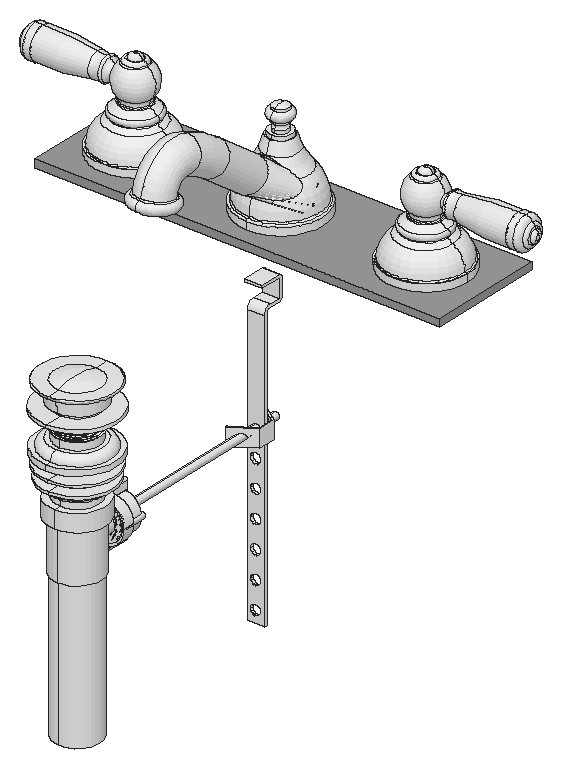
Revit family "SLW-4712", category Plumbing Fixtures, host Face, Revit 2019
Family settings
  Host = Face
  Round Connector Dimension = Use Diameter
  Part Type = Normal
  OmniClass Number = 23.65.70.11.11
  OmniClass Title = Fixtures for Liquids
  Cut with Voids When Loaded = No
  Shared = No
  Room Calculation Point = No
Parameters (values of type "Polished Chrome")
  z Has Trim = no
  z Has Rebuild Kit Trim Only = no
  Waste Connection = no
  Vent Connection = no
  URL = ""
  Product Material = Chrome - Symmons - Polished
  Model = ""
  Manufacturer = ""
  HW Connection = no
  Gallons Per Minute = 0.000 GPM
  Description = ""
  Default Elevation = 0.000"
  Date Modified = ""
  Date Created = ""
  CW Connection = no
Types (2): name | Product Material
  Satin Nickel | Nickel - Symmons - Satin
  Polished Chrome | Chrome - Symmons - Polished
Reference planes (in)
  plane 1 "Center (Front/Back)": y = 0
  plane 2 "Center (Elevation)": z = 0
  plane 3 "Center (Left/Right)": x = 0
  plane 4: z = 0
  plane 5: z = 0
Forms (in)
  Extrusion 1, solid, material "Default"
    sketch origin (0, 0, 0) x (1, 0, 0) y (0, 1, 0)
      loop
        line (-5.5, 1.68356) -> (-5.5, -1.4832) -> (5.67743, -1.4832) -> (5.67743, 1.68356) -> (-5.5, 1.68356)
    from 0 to -0.2
  Revolve 2, solid, material "Chrome - Symmons - Polished" <- "Product Material"
    sketch origin (0, 0, 0) x (0, 1, 0) y (0, 0, 1)
      loop
        line (-6.88094, -9.885) -> (-6.88094, -1.01304)
        arc (-6.88094, -1.01304) -> (-7.19959, -1.03828) -> (-7.51051, -1.11251) r 2.06025
        line (-7.51051, -1.11251) -> (-7.89773, -1.11251)
        arc (-7.89773, -1.11251) -> (-7.91132, -1.1374) -> (-7.89773, -1.16229) r 0.02961
        line (-7.89773, -1.16229) -> (-7.63921, -1.26535)
        arc (-7.63921, -1.26535) -> (-7.62599, -1.27563) -> (-7.6203, -1.29138) r 0.03014
        line (-7.6203, -1.29138) -> (-7.60507, -1.64244) -> (-7.46603, -1.64244) -> (-7.46603, -1.7675) -> (-7.96594, -1.7675) -> (-7.96594, -1.8575) -> (-7.46603, -1.8575) -> (-7.46603, -1.90188) -> (-7.50223, -1.92278) -> (-7.45821, -1.94618) -> (-7.48793, -1.9759) -> (-7.44752, -1.99738) -> (-7.48514, -2.02276) -> (-7.44368, -2.0448) -> (-7.47939, -2.0727) -> (-7.44304, -2.09203) -> (-7.47363, -2.11593) -> (-7.44635, -2.14322) -> (-7.48094, -2.17024) -> (-7.44341, -2.19555) -> (-7.47988, -2.22404) -> (-7.45122, -2.24809) -> (-7.48873, -2.27339) -> (-7.4648, -2.29347) -> (-7.50522, -2.32074) -> (-7.4685, -2.35156) -> (-7.4685, -2.56) -> (-7.59808, -2.56)
        arc (-7.59808, -2.56) -> (-7.74405, -2.62196) -> (-7.80088, -2.77) r 0.20292
        line (-7.80088, -2.77) -> (-7.95097, -2.77) -> (-7.95097, -2.9202) -> (-7.46987, -2.9202) -> (-7.46987, -3.17) -> (-7.90735, -3.17) -> (-7.90735, -3.23) -> (-7.46987, -3.23) -> (-7.46987, -3.48) -> (-7.85574, -3.48) -> (-7.85574, -3.55) -> (-7.6279, -3.55)
        arc (-7.6279, -3.55) -> (-7.61363, -3.56134) -> (-7.61094, -3.57937) r 0.02483
        line (-7.61094, -3.57937) -> (-7.61094, -3.73)
        arc (-7.61094, -3.73) -> (-7.60228, -3.74701) -> (-7.58342, -3.75) r 0.02103
        line (-7.58342, -3.75) -> (-7.46631, -3.75) -> (-7.46631, -4) -> (-7.66363, -4) -> (-7.66363, -4.47) -> (-7.60071, -4.47) -> (-7.54557, -4.52514) -> (-7.54557, -5.855) -> (-7.50551, -5.855) -> (-7.50551, -9.885) -> (-6.88094, -9.885)
      axis (-6.88094, -9.885) -> (-6.88094, -1.01304)
    angle from 0 to 360
  Revolve 3, solid, material "Chrome - Symmons - Polished" <- "Product Material"
    sketch origin (0, 0.125, 0) x (1, 0, 0) y (0, 0, 1)
      loop
        line (3.99997, 0) -> (3.99997, 2.44153) -> (3.94993, 2.44153)
        arc (3.94993, 2.44153) -> (3.86773, 2.40998) -> (3.82776, 2.33153) r 0.12284
        line (3.82776, 2.33153) -> (3.77687, 2.33153)
        arc (3.77687, 2.33153) -> (3.71864, 2.30909) -> (3.69052, 2.25338) r 0.08678
        arc (3.69052, 2.25338) -> (3.67263, 2.23544) -> (3.65349, 2.21885) r 0.34757
        arc (3.65349, 2.21885) -> (3.45184, 1.85019) -> (3.56994, 1.44693) r 0.54902
        arc (3.56994, 1.44693) -> (3.61035, 1.38181) -> (3.62652, 1.3069) r 0.22456
        arc (3.62652, 1.3069) -> (3.62413, 1.28564) -> (3.61292, 1.26742) r 0.04903
        arc (3.61292, 1.26742) -> (3.59759, 1.25423) -> (3.58058, 1.2433) r 0.14504
        arc (3.58058, 1.2433) -> (3.48682, 1.17427) -> (3.39219, 1.10642) r 9.27868
        arc (3.39219, 1.10642) -> (3.35018, 1.0302) -> (3.38399, 0.95) r 0.09977
        line (3.38399, 0.95) -> (3.44303, 0.95)
        arc (3.44303, 0.95) -> (3.42102, 0.92785) -> (3.39811, 0.90662) r 0.75351
        arc (3.39811, 0.90662) -> (3.32697, 0.84794) -> (3.25095, 0.79573) r 1.04793
        arc (3.25095, 0.79573) -> (3.01571, 0.55224) -> (2.92268, 0.22671) r 0.69818
        arc (2.92268, 0.22671) -> (2.91534, 0.21009) -> (2.90099, 0.2) r 0.02769
        line (2.90099, 0.2) -> (2.85981, 0.2) -> (2.85981, 0) -> (3.99997, 0)
      axis (3.99997, 2.44153) -> (3.99997, 0)
    angle from 0 to 360
  Revolve 4, solid, material "Chrome - Symmons - Polished" <- "Product Material"
    sketch origin (0, 0.125, 0) x (1, 0, 0) y (0, 0, 1)
      loop
        arc (7.09997, 1.79153) -> (7.10161, 1.83488) -> (7.0926, 1.87731) r 0.17627
        arc (7.0926, 1.87731) -> (7.05321, 1.93458) -> (6.98997, 1.96343) r 0.13024
        line (6.98997, 1.96343) -> (6.98997, 2.00885)
        arc (6.98997, 2.00885) -> (6.96302, 2.07392) -> (6.89796, 2.10087) r 0.09202
        arc (6.89796, 2.10087) -> (6.84872, 2.19733) -> (6.7476, 2.23611) r 0.1512
        line (6.7476, 2.23611) -> (6.55125, 2.23611)
        arc (6.55125, 2.23611) -> (5.79368, 2.22109) -> (5.04227, 2.12344) r 6.92966
        arc (5.04227, 2.12344) -> (4.90531, 2.10463) -> (4.76836, 2.12344) r 0.5079
        arc (4.76836, 2.12344) -> (4.73536, 2.12238) -> (4.71249, 2.09857) r 0.04376
        arc (4.71249, 2.09857) -> (4.63467, 2.0019) -> (4.51589, 1.96596) r 0.21023
        line (4.51589, 1.96596) -> (4.51589, 1.79153) -> (7.09997, 1.79153)
      axis (7.09997, 1.79153) -> (4.51589, 1.79153)
    angle from 0 to 360
  Revolve 5, solid, material "Chrome - Symmons - Polished" <- "Product Material"
    sketch origin (0, 0, 0) x (0, 1, 0) y (0, 0, 1)
      loop
        line (0.11906, 0) -> (1.28389, 0) -> (1.28389, 0.2024)
        arc (1.28389, 0.2024) -> (1.26889, 0.23466) -> (1.23455, 0.24435) r 0.04218
        arc (1.23455, 0.24435) -> (1.20693, 0.25568) -> (1.19547, 0.28325) r 0.03891
        arc (1.19547, 0.28325) -> (1.11491, 0.71793) -> (0.88392, 1.09487) r 1.21295
        arc (0.88392, 1.09487) -> (0.72055, 1.30779) -> (0.59249, 1.54364) r 1.71026
        arc (0.59249, 1.54364) -> (0.5284, 1.70228) -> (0.47552, 1.865) r 2.4513
        line (0.47552, 1.865) -> (0.43549, 1.865) -> (0.43549, 1.96004) -> (0.3157, 1.96004) -> (0.3157, 2.03847)
        arc (0.3157, 2.03847) -> (0.29047, 2.1327) -> (0.35515, 2.20572) r 0.10302
        line (0.35515, 2.20572) -> (0.35515, 2.26509)
        arc (0.35515, 2.26509) -> (0.45066, 2.39676) -> (0.33604, 2.51219) r 0.12555
        line (0.33604, 2.51219) -> (0.33604, 2.563)
        arc (0.33604, 2.563) -> (0.23175, 2.60875) -> (0.11906, 2.62522) r 0.42589
        line (0.11906, 2.62522) -> (0.11906, 0)
      axis (0.11906, 2.62522) -> (0.11906, 0)
    angle from 0 to 360
  Revolve 6, solid, material "Chrome - Symmons - Polished" <- "Product Material"
    sketch origin (0, 0.125, 0) x (-1, 0, 0) y (0, 0, 1)
      loop
        line (3.99997, 0) -> (3.99997, 2.44153) -> (3.94993, 2.44153)
        arc (3.94993, 2.44153) -> (3.86773, 2.40998) -> (3.82776, 2.33153) r 0.12284
        line (3.82776, 2.33153) -> (3.77687, 2.33153)
        arc (3.77687, 2.33153) -> (3.71864, 2.30909) -> (3.69052, 2.25338) r 0.08678
        arc (3.69052, 2.25338) -> (3.67263, 2.23544) -> (3.65349, 2.21885) r 0.34757
        arc (3.65349, 2.21885) -> (3.45184, 1.85019) -> (3.56994, 1.44693) r 0.54902
        arc (3.56994, 1.44693) -> (3.61035, 1.38181) -> (3.62652, 1.3069) r 0.22456
        arc (3.62652, 1.3069) -> (3.62413, 1.28564) -> (3.61292, 1.26742) r 0.04903
        arc (3.61292, 1.26742) -> (3.59759, 1.25423) -> (3.58058, 1.2433) r 0.14504
        arc (3.58058, 1.2433) -> (3.48682, 1.17427) -> (3.39219, 1.10642) r 9.27868
        arc (3.39219, 1.10642) -> (3.35018, 1.0302) -> (3.38399, 0.95) r 0.09977
        line (3.38399, 0.95) -> (3.44303, 0.95)
        arc (3.44303, 0.95) -> (3.42102, 0.92785) -> (3.39811, 0.90662) r 0.75351
        arc (3.39811, 0.90662) -> (3.32697, 0.84794) -> (3.25095, 0.79573) r 1.04793
        arc (3.25095, 0.79573) -> (3.01573, 0.55228) -> (2.92269, 0.22679) r 0.69818
        arc (2.92269, 0.22679) -> (2.91537, 0.21012) -> (2.90099, 0.2) r 0.02769
        line (2.90099, 0.2) -> (2.85981, 0.2) -> (2.85981, 0) -> (3.99997, 0)
      axis (3.99997, 2.44153) -> (3.99997, 0)
    angle from 0 to 360
  Revolve 7, solid, material "Chrome - Symmons - Polished" <- "Product Material"
    sketch origin (0, 0.125, 0) x (-1, 0, 0) y (0, 0, 1)
      loop
        arc (7.09997, 1.79153) -> (7.10161, 1.83488) -> (7.0926, 1.87731) r 0.17627
        arc (7.0926, 1.87731) -> (7.05321, 1.93458) -> (6.98997, 1.96343) r 0.13024
        line (6.98997, 1.96343) -> (6.98997, 2.00885)
        arc (6.98997, 2.00885) -> (6.96302, 2.07392) -> (6.89796, 2.10087) r 0.09202
        arc (6.89796, 2.10087) -> (6.84872, 2.19733) -> (6.7476, 2.23611) r 0.1512
        line (6.7476, 2.23611) -> (6.55125, 2.23611)
        arc (6.55125, 2.23611) -> (5.79368, 2.22109) -> (5.04227, 2.12344) r 6.92966
        arc (5.04227, 2.12344) -> (4.90531, 2.10463) -> (4.76836, 2.12344) r 0.5079
        arc (4.76836, 2.12344) -> (4.73536, 2.12238) -> (4.71249, 2.09857) r 0.04376
        arc (4.71249, 2.09857) -> (4.63467, 2.0019) -> (4.51589, 1.96596) r 0.21023
        line (4.51589, 1.96596) -> (4.51589, 1.79153) -> (7.09997, 1.79153)
      axis (7.09997, 1.79153) -> (4.51589, 1.79153)
    angle from 0 to 360
  Extrusion 8, solid, material "Chrome - Symmons - Polished" <- "Product Material"
    sketch origin (0, 0, 0) x (0, 1, 0) y (0, 0, 1)
      loop
        line (-0.21644, -1.3965) -> (-0.81644, -1.3965) -> (-0.81644, -1.464) -> (-0.20644, -1.464) -> (-0.20644, -1.984) -> (-0.52394, -1.984)
        arc (-0.52394, -1.984) -> (-0.66713, -2.04331) -> (-0.72644, -2.1865) r 0.2025
        line (-0.72644, -2.1865) -> (-0.72644, -9.859) -> (-0.65894, -9.859) -> (-0.65894, -2.1865)
        arc (-0.65894, -2.1865) -> (-0.6194, -2.09104) -> (-0.52394, -2.0515) r 0.135
        line (-0.52394, -2.0515) -> (-0.21644, -2.0515)
        arc (-0.21644, -2.0515) -> (-0.16164, -2.0288) -> (-0.13894, -1.974) r 0.0775
        line (-0.13894, -1.974) -> (-0.13894, -1.474)
        arc (-0.13894, -1.474) -> (-0.16164, -1.4192) -> (-0.21644, -1.3965) r 0.0775
    from 0.23247 to -0.23253
  Extrusion 9, solid, material "Chrome - Symmons - Polished" <- "Product Material"
    sketch origin (0, 0, 0) x (1, 0, 0) y (0, 1, 0)
      loop
        line (-0.27793, -1.40128) -> (-0.25959, -1.42747) -> (0.3432, -1.02561) -> (0.3432, -0.55221) -> (-0.26033, -0.14985) -> (-0.27793, -0.17624) -> (0.31539, -0.57179) -> (0.31539, -1.00573) -> (-0.27793, -1.40128)
    from -4.79197 to -5.27197
  Revolve 10, solid, material "Chrome - Symmons - Polished" <- "Product Material"
    sketch origin (0, 0, 0) x (0, 1, 0) y (0, 0, 1)
      loop
        line (-0.06394, -5.0225) -> (-7.31394, -5.0225) -> (-7.31394, -5.12333) -> (-0.06394, -5.12333) -> (-0.06394, -5.0225)
      axis (-0.06394, -5.0225) -> (-7.31394, -5.0225)
    angle from 0 to 360
  Sweep 11, solid, material "Chrome - Symmons - Polished" <- "Product Material"
    path origin (0, 0.02091, 0.08573) x (0, 1, 0) y (0, 0, 1)
      loop
        arc (-0.9858, 1.32156) -> (-1.63176, 1.82353) -> (-2.29234, 2.30611) r 27.56273
        arc (-2.29234, 2.30611) -> (-2.75836, 2.59337) -> (-3.2571, 2.81908) r 4.29998
        arc (-3.2571, 2.81908) -> (-3.92367, 2.76342) -> (-4.30039, 2.21071) r 0.77758
    profile origin (0, -1.61086, 1.90926) x (0, -0.601815, -0.798636) y (1, 0, 0)
      loop
        spline (0.53544, 0) -> (0.51919, 0.1244) -> (0.47153, 0.24032) -> (0.39572, 0.33986) -> (0.29692, 0.41624) -> (0.18187, 0.46425) -> (0.0584, 0.48063) -> (-0.06507, 0.46425) -> (-0.18013, 0.41624) -> (-0.27893, 0.33986) -> (-0.35474, 0.24032) -> (-0.4024, 0.1244) -> (-0.41865, 0)
        spline (-0.41865, 0) -> (-0.4024, -0.1244) -> (-0.35474, -0.24032) -> (-0.27893, -0.33986) -> (-0.18013, -0.41624) -> (-0.06507, -0.46425) -> (0.0584, -0.48063) -> (0.18187, -0.46425) -> (0.29692, -0.41624) -> (0.39572, -0.33986) -> (0.47153, -0.24032) -> (0.51919, -0.1244) -> (0.53544, 0)
  Extrusion 12, solid, material "Chrome - Symmons - Polished" <- "Product Material"
    sketch origin (0, 0, 0) x (1, 0, 0) y (0, 0, 1)
      loop
        line (0.07497, -5.7305) -> (0.07497, -5.53201) -> (0.07497, -5.38227)
        arc (0.07497, -5.38227) -> (0.27633, -5.29886) -> (0.35974, -5.0975) r 0.28477
        line (0.35974, -5.0975) -> (0.49497, -5.0975)
        arc (0.49497, -5.0975) -> (0.56997, -5.0225) -> (0.49497, -4.9475) r 0.075
        line (0.49497, -4.9475) -> (0.35974, -4.9475)
        arc (0.35974, -4.9475) -> (0.27633, -4.74614) -> (0.07497, -4.66273) r 0.28477
        line (0.07497, -4.66273) -> (0.07497, -4.51299) -> (0.07497, -4.3145)
        arc (0.07497, -4.3145) -> (-0.00003, -4.2395) -> (-0.07503, -4.3145) r 0.075
        line (-0.07503, -4.3145) -> (-0.07503, -4.51299) -> (-0.07503, -4.66273)
        arc (-0.07503, -4.66273) -> (-0.27639, -4.74614) -> (-0.35979, -4.9475) r 0.28477
        line (-0.35979, -4.9475) -> (-0.49503, -4.9475)
        arc (-0.49503, -4.9475) -> (-0.57003, -5.0225) -> (-0.49503, -5.0975) r 0.075
        line (-0.49503, -5.0975) -> (-0.35979, -5.0975)
        arc (-0.35979, -5.0975) -> (-0.27639, -5.29886) -> (-0.07503, -5.38227) r 0.28477
        line (-0.07503, -5.38227) -> (-0.07503, -5.53201) -> (-0.07503, -5.7305)
        arc (-0.07503, -5.7305) -> (-0.00003, -5.8055) -> (0.07497, -5.7305) r 0.075
      loop
        circle (0.00248, -5.02261) r 0.2593
    from 5.99794 to 5.25944
  Revolve 13, solid, material "Chrome - Symmons - Polished" <- "Product Material"
    sketch origin (0, 0, 0) x (0, 1, 0) y (0, 0, 1)
      loop
        line (-6.38395, -5.0225) -> (-5.83594, -5.0225) -> (-5.83594, -4.72196) -> (-6.38395, -4.72196) -> (-6.38395, -5.0225)
      axis (-5.83594, -5.0225) -> (-6.38395, -5.0225)
    angle from 0 to 360
  Extrusion 14, solid, material "Chrome - Symmons - Polished" <- "Product Material"
    sketch origin (0, 0, 0) x (1, 0, 0) y (0, 0, 1)
      loop
        circle (0.00248, -5.02261) r 0.57982
      loop
        circle (0.00248, -5.02261) r 0.2593
    from 5.99794 to 5.68794
  Extrusion 15, solid, material "Chrome - Symmons - Polished" <- "Product Material"
    sketch origin (0, 0, 0) x (1, 0, 0) y (0, 0, 1)
      loop
        circle (0.00248, -5.02261) r 0.51611
      loop
        circle (0.00248, -5.02261) r 0.30262
    from 5.99794 to 5.33444
  SweptBlend 16, solid, material "Chrome - Symmons - Polished" <- "Product Material"
    path origin (0, 0, 0) x (0, 1, 0) y (0, 0, 1)
      loop
        line (-1.0014, 1.36171) -> (0, 0.55942)
    profile origin (0, -1.0014, 1.36171) x (0, 0.625251, 0.780423) y (1, 0, 0)
      loop
        arc (0.47655, 0) -> (0, 0.48022) -> (-0.47655, 0) r 0.47657
        arc (-0.47655, 0) -> (0, -0.48022) -> (0.47655, 0) r 0.47657
    end profile origin (0, 0, 0.55942) x (0, 0.625251, 0.780423) y (1, 0, 0)
      loop
        arc (0.41304, 0.9067) -> (0.16481, 0.98558) -> (-0.09176, 1.0305) r 1.94042
        arc (-0.09176, 1.0305) -> (-0.23416, 0.9844) -> (-0.29509, 0.84768) r 0.18385
        line (-0.29509, 0.84768) -> (-0.29509, -0.85637)
        arc (-0.29509, -0.85637) -> (-0.23621, -0.9888) -> (-0.09843, -1.0338) r 0.17837
        arc (-0.09843, -1.0338) -> (0.16155, -0.98897) -> (0.41304, -0.9093) r 1.94042
        arc (0.41304, -0.9093) -> (0.65038, -0.0013) -> (0.41304, 0.9067) r 1.85554
  Revolve 17, solid, material "Chrome - Symmons - Polished" <- "Product Material"
    sketch origin (0, 0, 0) x (0, 1, 0) y (0, 0, 1)
      loop
        line (-4.22177, 2.2875) -> (-4.26788, 1.98976) -> (-3.77377, 1.91324)
        arc (-3.77377, 1.91324) -> (-3.62234, 2.01324) -> (-3.70733, 2.17359) r 0.13497
        arc (-3.70733, 2.17359) -> (-3.7321, 2.18932) -> (-3.74784, 2.2141) r 0.06736
        line (-3.74784, 2.2141) -> (-4.22177, 2.2875)
      axis (-4.26788, 1.98976) -> (-4.22177, 2.2875)
    angle from 0 to 360
  Extrusion 18, void
    sketch origin (0, 0, 0) x (1, 0, 0) y (0, 0, 1)
      loop
        circle (-0.00048, -5.77765) r 0.1429
      loop
        circle (-0.00048, -6.52765) r 0.1429
      loop
        circle (-0.00048, -7.27765) r 0.1429
      loop
        circle (-0.00048, -8.02765) r 0.1429
      loop
        circle (-0.00048, -8.77765) r 0.1429
      loop
        circle (-0.00048, -9.52765) r 0.1429
    from 0.72644 to 0.65894
Cuts and joins
  Extrusion 18 cuts Extrusion 8
Dimensions and locks (in)
  plane 4 to plane 2 "Center (Elevation)" = 0.000"
  plane 5 to plane 4 = 0.000"
  aligned and locked: plane 2 "Center (Elevation)" to Extrusion 1
